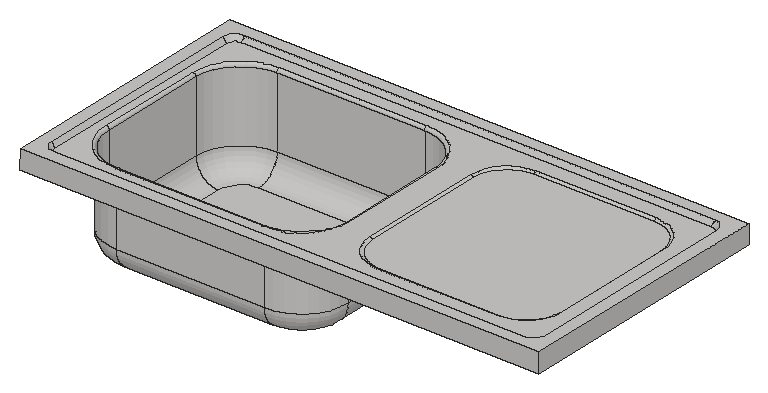
Revit family
Parameters (values of type "860 X 435")
  Waste Connection Diameter = 40 mm
  Width Of Bowl = 330 mm
  Waste Connection Radius = Waste Connection Diameter / 2  # 20 mm
  Waste Connection = 1 = 1  # yes
  WFU = 0
  Vent Connection = 1 = 0  # no
  URL = "http://www.autospec.co.za/browse.php?id=1937217983"
  Product Code = "SDI-860-SER"
  OmniClass Title = ""
  OmniClass Number = ""
  Modspec Classification = ""
  Specification = ""
  Material = Stainless Steel Grade 304
  Location (revit room) = ""
  Length Of Bowl = 395 mm
  HW Connection = 1 = 0  # no
  Description = ""
  Depth Of Bowl = 170 mm
  Colour = none
  CW Connection = 1 = 0  # no
  Body Finish = none
  Width = 435 mm
  Model = "Left Hand Drop-In Sink Single End Bowl SDI-860-SER"
  Manufacturer = "Kwikot"  # constant formula
  Length = 860 mm
  Assembly Code = "D2010410"
Reference planes
  plane 1 "Center (Front/Back)": y = 0
  plane 2 "Bottom": z = 0
  plane 3 "Center (Left/Right)": x = 0
  plane 4 "Right": x = 860
  plane 5 "Back": y = 435
  plane 6 "Top": z = 170
  plane 7: z = 138
  plane 8: x = 45
  plane 9: x = 440
  plane 10: y = 217.5
  plane 11: y = 382.5
  plane 12: y = 52.5
  plane 13: x = 242.5
  plane 14: z = 162
Forms (mm)
  Sweep 1, solid, material "Stainless Steel Grade 304" <- "Material"
    path origin (-60.109, -1524, 170) x (-1, 0, 0) y (0, -1, 0)
      loop
        line (-60.109, -1959) -> (-60.109, -1524) -> (-920.109, -1524) -> (-920.109, -1959) -> (-60.109, -1959)
    profile origin (430, 435, 170) x (0, 1, 0) y (0, 0, 1)
      loop
        line (-15, 0) -> (-15, -10.5) -> (-2.5, -10.5) -> (-2.5, -29.5) -> (-10, -29.5) -> (-10, -32) -> (0, -32) -> (0, 0) -> (-15, 0)
  Extrusion 2, solid, material "Stainless Steel Grade 304" <- "Material"
    sketch origin (-60.109, -1524, 170) x (-1, 0, 0) y (0, -1, 0)
      loop
        line (-75.109, -1539) -> (-905.109, -1539) -> (-905.109, -1944) -> (-75.109, -1944) -> (-75.109, -1539)
    from 0 to -10.5
  Extrusion 3, void
    sketch origin (-60.109, -1524, 170) x (0, -1, 0) y (-1, 0, 0)
      loop
        line (-1906.5, -180.109) -> (-1906.5, -425.109)
        arc (-1906.5, -425.109) -> (-1884.533, -478.142) -> (-1831.5, -500.109) r 75
        line (-1831.5, -500.109) -> (-1651.5, -500.109)
        arc (-1651.5, -500.109) -> (-1598.467, -478.142) -> (-1576.5, -425.109) r 75
        line (-1576.5, -425.109) -> (-1576.5, -180.109)
        arc (-1576.5, -180.109) -> (-1598.467, -127.076) -> (-1651.5, -105.109) r 75
        line (-1651.5, -105.109) -> (-1831.5, -105.109)
        arc (-1831.5, -105.109) -> (-1884.533, -127.076) -> (-1906.5, -180.109) r 75
    from 0 to 10.5
  Sweep 4, solid, material "Stainless Steel Grade 304" <- "Material"
    path origin (-60.109, -1524, 170) x (-1, 0, 0) y (0, -1, 0)
      loop
        arc (-180.109, -1906.5) -> (-127.076, -1884.533) -> (-105.109, -1831.5) r 75
        line (-105.109, -1831.5) -> (-105.109, -1651.5)
        arc (-105.109, -1651.5) -> (-127.076, -1598.467) -> (-180.109, -1576.5) r 75
        line (-180.109, -1576.5) -> (-425.109, -1576.5)
        arc (-425.109, -1576.5) -> (-478.142, -1598.467) -> (-500.109, -1651.5) r 75
        line (-500.109, -1651.5) -> (-500.109, -1831.5)
        arc (-500.109, -1831.5) -> (-478.142, -1884.533) -> (-425.109, -1906.5) r 75
        line (-425.109, -1906.5) -> (-180.109, -1906.5)
    profile origin (242.5, 382.5, 170) x (0, 1, 0) y (0, 0, 1)
      loop
        line (0, -10.5) -> (0, -130)
        arc (0, -130) -> (-10.983, -156.517) -> (-37.5, -167.5) r 37.5
        line (-37.5, -167.5) -> (-37.5, -170)
        arc (-37.5, -170) -> (-9.216, -158.284) -> (2.5, -130) r 40
        line (2.5, -130) -> (2.5, -10.5) -> (0, -10.5)
  Extrusion 5, solid, material "Stainless Steel Grade 304" <- "Material"
    sketch origin (0, 0, 0) x (1, 0, 0) y (0, 1, 0)
      loop
        arc (82.5, 127.5) -> (93.483, 100.983) -> (120, 90) r 37.5
        line (120, 90) -> (365, 90)
        arc (365, 90) -> (391.517, 100.983) -> (402.5, 127.5) r 37.5
        line (402.5, 127.5) -> (402.5, 307.5)
        arc (402.5, 307.5) -> (391.517, 334.017) -> (365, 345) r 37.5
        line (365, 345) -> (120, 345)
        arc (120, 345) -> (93.483, 334.017) -> (82.5, 307.5) r 37.5
        line (82.5, 307.5) -> (82.5, 127.5)
      loop
        circle (365, 217.5) r 20
    from 0 to 2.5
  Blend 6, void
    base sketch origin (0, 0, 170) x (-1, 0, 0) y (0, -1, 0)
      loop
        line (-20, -395) -> (-20, -40)
        arc (-20, -40) -> (-25.858, -25.858) -> (-40, -20) r 20
        line (-40, -20) -> (-820, -20)
        arc (-820, -20) -> (-834.142, -25.858) -> (-840, -40) r 20
        line (-840, -40) -> (-840, -395)
        arc (-840, -395) -> (-834.142, -409.142) -> (-820, -415) r 20
        line (-820, -415) -> (-40, -415)
        arc (-40, -415) -> (-25.858, -409.142) -> (-20, -395) r 20
    top sketch origin (0, 0, 170) x (-1, 0, 0) y (0, -1, 0)
      loop
        line (-25, -395) -> (-25, -40)
        arc (-25, -40) -> (-29.393, -29.393) -> (-40, -25) r 15
        line (-40, -25) -> (-820, -25)
        arc (-820, -25) -> (-830.607, -29.393) -> (-835, -40) r 15
        line (-835, -40) -> (-835, -395)
        arc (-835, -395) -> (-830.607, -405.607) -> (-820, -410) r 15
        line (-820, -410) -> (-40, -410)
        arc (-40, -410) -> (-29.393, -405.607) -> (-25, -395) r 15
    from 0 to -8
  Extrusion 7, solid, material "Stainless Steel Grade 304" <- "Material"
    sketch origin (0, 0, 0) x (1, 0, 0) y (0, 1, 0)
      loop
        circle (365, 217.5) r 20
    from 0 to -5
  Sweep 8, void
    path origin (-60.109, -1524, 170) x (-1, 0, 0) y (0, -1, 0)
      loop
        line (-425.109, -1906.5) -> (-180.109, -1906.5)
        arc (-180.109, -1906.5) -> (-127.076, -1884.533) -> (-105.109, -1831.5) r 75
        line (-105.109, -1831.5) -> (-105.109, -1651.5)
        arc (-105.109, -1651.5) -> (-127.076, -1598.467) -> (-180.109, -1576.5) r 75
        line (-180.109, -1576.5) -> (-425.109, -1576.5)
        arc (-425.109, -1576.5) -> (-478.142, -1598.467) -> (-500.109, -1651.5) r 75
        line (-500.109, -1651.5) -> (-500.109, -1831.5)
        arc (-500.109, -1831.5) -> (-478.142, -1884.533) -> (-425.109, -1906.5) r 75
    profile origin (242.5, 382.5, 170) x (0, -1, 0) y (0, 0, 1)
      loop
        line (0, -8) -> (-5, -8)
        arc (-5, -8) -> (-1.464, -9.464) -> (0, -13) r 5
        line (0, -13) -> (0, -8)
  Blend 9, void
    base sketch origin (-60.109, -1524, 162) x (0, -1, 0) y (1, 0, 0)
      loop
        line (-1846.5, 550.109) -> (-1636.5, 550.109)
        arc (-1636.5, 550.109) -> (-1594.074, 567.682) -> (-1576.5, 610.109) r 60
        line (-1576.5, 610.109) -> (-1576.5, 810.109)
        arc (-1576.5, 810.109) -> (-1594.074, 852.535) -> (-1636.5, 870.109) r 60
        line (-1636.5, 870.109) -> (-1846.5, 870.109)
        arc (-1846.5, 870.109) -> (-1888.926, 852.535) -> (-1906.5, 810.109) r 60
        line (-1906.5, 810.109) -> (-1906.5, 610.109)
        arc (-1906.5, 610.109) -> (-1888.926, 567.682) -> (-1846.5, 550.109) r 60
    top sketch origin (-60.109, -1524, 162) x (0, -1, 0) y (1, 0, 0)
      loop
        arc (-1636.5, 555.109) -> (-1597.609, 571.218) -> (-1581.5, 610.109) r 55
        line (-1581.5, 610.109) -> (-1581.5, 810.109)
        arc (-1581.5, 810.109) -> (-1597.609, 848.999) -> (-1636.5, 865.109) r 55
        line (-1636.5, 865.109) -> (-1846.5, 865.109)
        arc (-1846.5, 865.109) -> (-1885.391, 848.999) -> (-1901.5, 810.109) r 55
        line (-1901.5, 810.109) -> (-1901.5, 610.109)
        arc (-1901.5, 610.109) -> (-1885.391, 571.218) -> (-1846.5, 555.109) r 55
        line (-1846.5, 555.109) -> (-1636.5, 555.109)
    from 0 to -2
Cuts and joins
  Extrusion 3, Blend 6, Sweep 8, Blend 9 cuts Sweep 1
  Extrusion 3, Blend 6, Sweep 8, Blend 9 cuts Extrusion 2
  Blend 6, Sweep 8, Blend 9 cuts Sweep 4
  Blend 6, Sweep 8, Blend 9 cuts Extrusion 5
  Sweep 8, Blend 9 cuts Extrusion 7
  joined: Sweep 1, Extrusion 2, Sweep 4, Extrusion 5, Extrusion 7
Lines and regions (mm)
  symbolic lines
    curve 1: line (0, 435, 170) -> (0, 0, 170)
    curve 2: line (0, 0, 170) -> (860, 0, 170)
    curve 3: line (860, 0, 170) -> (860, 435, 170)
    curve 4: line (860, 435, 170) -> (0, 435, 170)
    curve 5: line (20, 40, 170) -> (20, 395, 170)
    curve 6: line (25, 395, 170) -> (25, 40, 170)
    curve 7: arc (20, 395, 170) -> (25.858, 409.142, 170) -> (40, 415, 170) r 20
    curve 8: arc (40, 410, 170) -> (29.393, 405.607, 170) -> (25, 395, 170) r 15
    curve 9: line (40, 415, 170) -> (820, 415, 170)
    curve 10: line (820, 410, 170) -> (40, 410, 170)
    curve 11: arc (820, 415, 170) -> (834.142, 409.142, 170) -> (840, 395, 170) r 20
    curve 12: arc (835, 395, 170) -> (830.607, 405.607, 170) -> (820, 410, 170) r 15
    curve 13: line (835, 40, 170) -> (835, 395, 170)
    curve 14: line (840, 395, 170) -> (840, 40, 170)
    curve 15: arc (840, 40, 170) -> (834.142, 25.858, 170) -> (820, 20, 170) r 20
    curve 16: arc (820, 25, 170) -> (830.607, 29.393, 170) -> (835, 40, 170) r 15
    curve 17: line (820, 20, 170) -> (40, 20, 170)
    curve 18: line (40, 25, 170) -> (820, 25, 170)
    curve 19: arc (40, 20, 170) -> (25.858, 25.858, 170) -> (20, 40, 170) r 20
    curve 20: arc (25, 40, 170) -> (29.393, 29.393, 170) -> (40, 25, 170) r 15
    curve 21: line (45, 307.5, 170) -> (45, 127.5, 170)
    curve 22: arc (120, 382.5, 170) -> (66.967, 360.533, 170) -> (45, 307.5, 170) r 75
    curve 23: line (365, 382.5, 170) -> (120, 382.5, 170)
    curve 24: arc (440, 307.5, 170) -> (418.033, 360.533, 170) -> (365, 382.5, 170) r 75
    curve 25: line (440, 127.5, 170) -> (440, 307.5, 170)
    curve 26: arc (365, 52.5, 170) -> (418.033, 74.467, 170) -> (440, 127.5, 170) r 75
    curve 27: line (120, 52.5, 170) -> (365, 52.5, 170)
    curve 28: arc (45, 127.5, 170) -> (66.967, 74.467, 170) -> (120, 52.5, 170) r 75
    curve 40: arc (385, 217.5, 170) -> (365, 197.5, 170) -> (345, 217.5, 170) r 20
    curve 41: arc (345, 217.5, 170) -> (365, 237.5, 170) -> (385, 217.5, 170) r 20
  model lines
    curve 29: line (755.771, 370, 160) -> (548.037, 370, 160)
    curve 30: line (792.852, 345, 160) -> (545.01, 345, 160)
    curve 31: line (795.771, 320, 160) -> (556.798, 320, 160)
    curve 32: line (795.771, 295, 160) -> (565.649, 295, 160)
    curve 33: line (795.771, 270, 160) -> (571.858, 270, 160)
    curve 34: line (795.771, 245, 160) -> (575.607, 245, 160)
    curve 35: line (795.771, 220, 160) -> (576.999, 220, 160)
    curve 36: line (795.771, 195, 160) -> (576.072, 195, 160)
    curve 37: line (795.771, 170, 160) -> (572.8, 170, 160)
    curve 38: line (795.771, 145, 160) -> (567.095, 145, 160)
    curve 39: line (755.771, 65, 160) -> (548.037, 65, 160)
    curve 42: arc (539.429, 80.089, 160) -> (577.011, 217.5, 160) -> (539.429, 354.911, 160) r 270
    curve 43: arc (795.771, 330, 160) -> (784.055, 358.284, 160) -> (755.771, 370, 160) r 40
    curve 44: line (795.771, 105, 160) -> (795.771, 330, 160)
    curve 45: arc (755.771, 65, 160) -> (784.055, 76.716, 160) -> (795.771, 105, 160) r 40
    curve 46: line (795.771, 120, 160) -> (558.792, 120, 160)
    curve 47: line (795.771, 95, 160) -> (547.622, 95, 160)
    curve 48: arc (539.429, 354.911, 160) -> (539.351, 364.955, 160) -> (548.037, 370, 160) r 10
    curve 49: arc (539.429, 80.089, 160) -> (539.351, 70.045, 160) -> (548.037, 65, 160) r 10
Dimensions and locks
  "Length": plane 3 "Center (Left/Right)" to plane 4 "Right"
  "Width": plane 5 "Back" to plane 1 "Center (Front/Back)"
  "Depth Of Bowl": plane 6 "Top" to plane 2 "Bottom"
  equal spacing: plane 1 "Center (Front/Back)", plane 10, plane 5 "Back"
  "Length Of Bowl": plane 8 to plane 9
  "Width Of Bowl": plane 11 to plane 12
  equal spacing: plane 11, plane 10, plane 12
  equal spacing: plane 8, plane 13, plane 9
  plane 6 "Top" to plane 7 = 32 mm
  Sweep 1 sketch curve to plane 5 "Back" = 10 mm
  Sweep 1 sketch curve to plane 5 "Back" = 15 mm
  plane 6 "Top" to Sweep 1 sketch curve = 10.5 mm
  Sweep 1 sketch curve to plane 5 "Back" = 2.5 mm
  plane 7 to Sweep 1 sketch curve = 2.5 mm
  Extrusion 5 sketch curve to plane 9 = 75 mm
  plane 3 "Center (Left/Right)" to Blend 6 sketch curve = 20 mm
  Blend 6 sketch curve to plane 4 "Right" = 20 mm
  plane 5 "Back" to Blend 6 sketch curve = 20 mm
  plane 1 "Center (Front/Back)" to Blend 6 sketch curve = 20 mm
  var sketch to Blend 6 sketch curve = 5 mm  (x3)
  Blend 6 sketch curve to var sketch = 5 mm
  plane 6 "Top" to plane 14 = 8 mm
  plane 3 "Center (Left/Right)" to plane 8 = 45 mm
  Blend 9 sketch curve to plane 4 "Right" = 50 mm
  Blend 9 sketch curve to Blend 9 sketch curve = 320 mm
  Blend 9 sketch curve to var sketch = 5 mm  (x3)
  var sketch to Blend 9 sketch curve = 5 mm
  radius of Extrusion 3 sketch curve = 75 mm  (x4)
  radius of Sweep 4 sketch curve = 37.5 mm
  radius of Sweep 4 sketch curve = 40 mm
  "Waste Connection Radius": radius of Extrusion 5 sketch curve
  radius of Blend 6 sketch curve = 20 mm  (x4)
  radius of Blend 6 sketch curve = 15 mm  (x4)
  radius of Blend 9 sketch curve = 60 mm  (x4)
  radius of Blend 9 sketch curve = 55 mm  (x4)
  aligned and locked: level to plane 2 "Bottom"
  aligned and locked: Sweep 1 sketch curve to plane 5 "Back"
  aligned and locked: plane 3 "Center (Left/Right)" to Sweep 1 sketch curve
  aligned and locked: Sweep 1 sketch curve to plane 1 "Center (Front/Back)"
  aligned and locked: plane 4 "Right" to Sweep 1 sketch curve
  aligned and locked: Sweep 1 sketch curve to profile plane
  aligned and locked: plane 7 to Sweep 1 sketch curve
  aligned and locked: profile plane to Sweep 1 sketch curve
  aligned and locked: Extrusion 2 sketch curve to Sweep 1  (x4)
  aligned and locked: Sweep 1 to Extrusion 2
  aligned and locked: plane 6 "Top" to Extrusion 2
  aligned and locked: plane 11 to Extrusion 3 sketch curve
  aligned and locked: Extrusion 3 sketch curve to plane 8
  aligned and locked: Extrusion 3 sketch curve to plane 12
  aligned and locked: plane 9 to Extrusion 3 sketch curve
  aligned and locked: Sweep 1 to Extrusion 3
  aligned and locked: plane 6 "Top" to Extrusion 3
  aligned and locked: Sweep 4 sketch curve to cut or joined group of Sweep 1, Extrusion 2, Extrusion 3, Sweep 4, Extrusion 5, Blend 6, Extrusion 7, Sweep 8, Blend 9  (x5)
  aligned and locked: cut or joined group of Sweep 1, Extrusion 2, Extrusion 3, Sweep 4, Extrusion 5, Blend 6, Extrusion 7, Sweep 8, Blend 9 to Sweep 4 sketch curve
  aligned and locked: plane 2 "Bottom" to Sweep 4 sketch curve
  aligned and locked: Extrusion 5 sketch curve to cut or joined group of Sweep 1, Extrusion 2, Extrusion 3, Sweep 4, Extrusion 5, Blend 6, Extrusion 7, Sweep 8, Blend 9  (x4)
  aligned and locked: plane 10 to Extrusion 5 sketch curve
  aligned and locked: curve 1 to cut or joined group of Sweep 1, Extrusion 2, Extrusion 3, Sweep 4, Extrusion 5, Blend 6, Extrusion 7, Sweep 8, Blend 9
  aligned and locked: curve 2 to cut or joined group of Sweep 1, Extrusion 2, Extrusion 3, Sweep 4, Extrusion 5, Blend 6, Extrusion 7, Sweep 8, Blend 9
  aligned and locked: curve 3 to cut or joined group of Sweep 1, Extrusion 2, Extrusion 3, Sweep 4, Extrusion 5, Blend 6, Extrusion 7, Sweep 8, Blend 9
  aligned and locked: curve 4 to cut or joined group of Sweep 1, Extrusion 2, Extrusion 3, Sweep 4, Extrusion 5, Blend 6, Extrusion 7, Sweep 8, Blend 9
  aligned and locked: curve 7 to cut or joined group of Sweep 1, Extrusion 2, Extrusion 3, Sweep 4, Extrusion 5, Blend 6, Extrusion 7, Sweep 8, Blend 9
  aligned and locked: curve 8 to cut or joined group of Sweep 1, Extrusion 2, Extrusion 3, Sweep 4, Extrusion 5, Blend 6, Extrusion 7, Sweep 8, Blend 9
  aligned and locked: curve 11 to cut or joined group of Sweep 1, Extrusion 2, Extrusion 3, Sweep 4, Extrusion 5, Blend 6, Extrusion 7, Sweep 8, Blend 9
  aligned and locked: curve 12 to cut or joined group of Sweep 1, Extrusion 2, Extrusion 3, Sweep 4, Extrusion 5, Blend 6, Extrusion 7, Sweep 8, Blend 9
  aligned and locked: curve 15 to cut or joined group of Sweep 1, Extrusion 2, Extrusion 3, Sweep 4, Extrusion 5, Blend 6, Extrusion 7, Sweep 8, Blend 9
  aligned and locked: curve 16 to cut or joined group of Sweep 1, Extrusion 2, Extrusion 3, Sweep 4, Extrusion 5, Blend 6, Extrusion 7, Sweep 8, Blend 9
  aligned and locked: curve 19 to cut or joined group of Sweep 1, Extrusion 2, Extrusion 3, Sweep 4, Extrusion 5, Blend 6, Extrusion 7, Sweep 8, Blend 9
  aligned and locked: curve 20 to cut or joined group of Sweep 1, Extrusion 2, Extrusion 3, Sweep 4, Extrusion 5, Blend 6, Extrusion 7, Sweep 8, Blend 9
  aligned and locked: curve 22 to cut or joined group of Sweep 1, Extrusion 2, Extrusion 3, Sweep 4, Extrusion 5, Blend 6, Extrusion 7, Sweep 8, Blend 9
  aligned and locked: curve 24 to cut or joined group of Sweep 1, Extrusion 2, Extrusion 3, Sweep 4, Extrusion 5, Blend 6, Extrusion 7, Sweep 8, Blend 9
  aligned and locked: curve 26 to cut or joined group of Sweep 1, Extrusion 2, Extrusion 3, Sweep 4, Extrusion 5, Blend 6, Extrusion 7, Sweep 8, Blend 9
  aligned and locked: curve 28 to cut or joined group of Sweep 1, Extrusion 2, Extrusion 3, Sweep 4, Extrusion 5, Blend 6, Extrusion 7, Sweep 8, Blend 9
  aligned and locked: Extrusion 7 sketch curve to cut or joined group of Sweep 1, Extrusion 2, Extrusion 3, Sweep 4, Extrusion 5, Blend 6, Extrusion 7, Sweep 8, Blend 9  (x2)
  aligned and locked: Sweep 8 sketch curve to cut or joined group of Sweep 1, Extrusion 2, Extrusion 3, Sweep 4, Extrusion 5, Blend 6, Extrusion 7, Sweep 8, Blend 9  (x4)
  aligned and locked: profile plane to Sweep 8 sketch curve
  aligned and locked: cut or joined group of Sweep 1, Extrusion 2, Extrusion 3, Sweep 4, Extrusion 5, Blend 6, Extrusion 7, Sweep 8, Blend 9 to Sweep 8 sketch curve
  aligned and locked: Blend 6 to Sweep 8
  aligned and locked: curve 40 to cut or joined group of Sweep 1, Extrusion 2, Extrusion 3, Sweep 4, Extrusion 5, Blend 6, Extrusion 7, Sweep 8, Blend 9
  aligned and locked: curve 41 to cut or joined group of Sweep 1, Extrusion 2, Extrusion 3, Sweep 4, Extrusion 5, Blend 6, Extrusion 7, Sweep 8, Blend 9
  aligned and locked: plane 11 to Blend 9 sketch curve
  aligned and locked: Blend 9 sketch curve to plane 12
Automatic sketch dimensions
  Sweep 4 sketch curve to Sweep 4 sketch curve = 0 mm
  profile plane to Sweep 8 sketch curve = 5 mm
  Sweep 8 sketch curve to Sweep 8 sketch curve = 5 mm  (x2)
  Sweep 8 sketch curve to Sweep 8 sketch curve = 0 mm
  Sweep 8 sketch curve to profile plane = 0 mm
  curve 29 to Blend 9 = 7.5 mm
  curve 29 to curve 48 = 10 mm
  curve 48 to curve 48 = 5.089 mm
  curve 30 to Blend 9 = 12.148 mm
  curve 43 to curve 31 = 10 mm
  curve 37 to Blend 9 = 9.229 mm
  curve 45 to curve 47 = 10 mm
  curve 42 to curve 49 = 0 mm
  curve 49 to curve 49 = 5.089 mm
  curve 39 to Blend 9 = 7.5 mm
  curve 36 to curve 35 = 0.928 mm
  curve 34 to curve 35 = 1.393 mm
  curve 37 to curve 36 = 3.272 mm
  curve 33 to curve 34 = 3.749 mm
  curve 38 to curve 37 = 5.705 mm
  curve 32 to curve 33 = 6.208 mm
  curve 46 to curve 38 = 8.303 mm
  curve 31 to curve 32 = 8.851 mm
  curve 49 to Blend 9 = 53.037 mm
  curve 48 to curve 31 = 8.761 mm
  curve 49 to curve 47 = 8.193 mm
  curve 48 to curve 30 = 5.581 mm
  curve 42 to curve 48 = 0 mm
  curve 47 to Blend 9 = 9.229 mm
Connectors
  piping at (365, 217.5, -5), driven by "Waste Connection Radius", driven by "WFU"
    settings: on cut or joined group of Sweep 1, Extrusion 2, Extrusion 3, Sweep 4, Extrusion 5, Blend 6, Extrusion 7, Sweep 8, Blend 9, index 1, connector radius 20 mm, flow factor 0, pipe flow 0.0 L/s, pressure drop 0.0 Pa, fitting loss kfactor 0, connector angle 0.00°, fixture units 0, flow configuration 3, flow direction 2, fitting loss method 4, system type 16, connector reference index -1, connector utility 0, adjustable connector no, is connector primary yes, fitting loss table "", connector description "Waste Connection"
